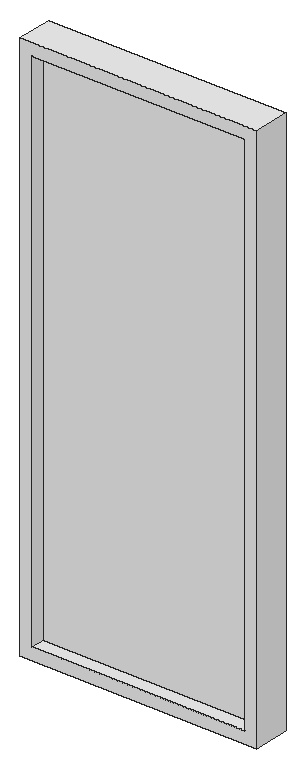
Revit family
Parameters (values of type "2100x900 mm")
  프레임 = ""
  철물 = ""
  Width = 900 mm
  Height = 2100 mm
  Assembly Code = ""
  유리/마감 = ""
  위치/개소 = ""
  부호 = "2/WD"
  문 틀 = 문 틀(2)
  문번호 = "2"
  문기호 = "WD"
  문 = 문(3)
  Wall Closure = (empty or 0)
Reference planes
  plane 1: y = 0
  plane 2 "중심(왼쪽/오른쪽)": x = 0
  plane 3 "왼쪽": x = -450
  plane 4 "오른쪽": x = 450
  plane 5: z = 2100
  plane 6 "외부": y = 100
  plane 7 "내부": y = -100
  plane 8: x = -405
  plane 9: x = 405
  plane 10: x = -650
  plane 11: x = 650
  plane 12: z = 2400
  plane 13: z = -300
  plane 14: z = 1000
  plane 15: x = -245
  plane 16: y = -15
  plane 17: y = 55
  plane 18: y = 120
Forms (mm)
  Sweep 1, solid, material "문 틀(2)" <- "문 틀"
    path origin (0, 100, 0) x (1, 0, 0) y (0, 0, 1)
      loop
        line (450, 0) -> (450, 2100) -> (-450, 2100) -> (-450, 0) -> (450, 0)
    profile origin (450, 100, 1050) x (-1, 0, 0) y (0, -1, 0)
      loop
        line (0, -20) -> (45, -20) -> (45, 115) -> (0, 115) -> (0, -20)
  Extrusion 2, solid, material "문(3)" <- "문"
    sketch origin (0, 2.5, 0) x (1, 0, 0) y (0, 1, 0)
      loop
        line (405, 70) -> (-405, 70) -> (-405, 35) -> (405, 35) -> (405, 70)
    from 0 to 2070
Lines and regions (mm)
  Opening 1
    outline origin (-3050, -100, 0) x (1, 0, 0) y (0, 0, 1)
      loop
        line (2600, 0) -> (3500, 0) -> (3500, 2100) -> (2600, 2100) -> (2600, 0)
  symbolic lines
    curve 1: line (-405, 100, 30) -> (405, 100, 1050)
    curve 2: line (405, 100, 1050) -> (-405, 100, 2070)
    curve 3: line (450, 100, -300) -> (450, 100, 2400)
    curve 4: line (-450, 100, 2400) -> (-450, 100, -300)
    curve 5: line (-650, 100, 0) -> (650, 100, 0)
    curve 6: line (650, 100, 2100) -> (-650, 100, 2100)
    curve 7: line (-455, 100, 2105) -> (-455, 100, 0)
    curve 8: line (-445, 100, 2095) -> (-445, 100, 5)
    curve 9: line (445, 100, 2095) -> (-445, 100, 2095)
    curve 10: line (455, 100, 2105) -> (-455, 100, 2105)
    curve 11: line (-445, 100, 5) -> (445, 100, 5)
    curve 12: line (445, 100, 5) -> (445, 100, 2095)
    curve 13: line (455, 100, 0) -> (455, 100, 2105)
    curve 14: circle (-245, 100, 1000) r 25 normal (0, 1, 0)
    curve 15: line (-245, 100, 1070) -> (-245, 100, 930)
    curve 16: line (-400, 100, 1000) -> (-175, 100, 1000)
    curve 17: line (-405, 55, 0) -> (-405, -790.712, 0)
    curve 18: line (-405, -790.712, 0) -> (-370, -790.712, 0)
    curve 19: line (-370, -790.712, 0) -> (-370, 55, 0)
    curve 20: arc (-370, -790.712, 0) -> (181.673, -518.301, 0) -> (405.007, 55, 0) r 849.998
    curve 21: line (-405, 55, 0) -> (-405, 900.712, 0)
    curve 22: line (-405, 900.712, 0) -> (-370, 900.712, 0)
    curve 23: line (-370, 900.712, 0) -> (-370, 55, 0)
    curve 24: arc (-370, 900.712, 0) -> (181.673, 628.301, 0) -> (405.007, 55, 0) r 849.998
    curve 25: line (-450, 55, 0) -> (-450, -15, 0)
    curve 26: line (450, 55, 0) -> (450, -15, 0)
    curve 27: line (-450, 55, 0) -> (-450, 100, 0)
    curve 28: line (-450, -15, 0) -> (-450, -100, 0)
    curve 29: line (-450, 100, 0) -> (-405, 100, 0)
    curve 30: line (-450, -100, 0) -> (-405, -100, 0)
    curve 31: line (450, -15, 0) -> (450, -100, 0)
    curve 32: line (450, 55, 0) -> (450, 100, 0)
    curve 33: line (450, 100, 0) -> (403.763, 100, 0)
    curve 34: line (450, -100, 0) -> (390.574, -100, 0)
Text (mm)
  text "외부" at (-2295.016, 1099.543, 0), in view "참조 레벨"
  text "외부" at (0, 1615.38, 3698.081), in view "왼쪽"
  text "외부" at (0, 1036.032, 3874.932), in view "오른쪽"
Dimensions and locks
  equal spacing: plane 3 "왼쪽", plane 2 "중심(왼쪽/오른쪽)", plane 4 "오른쪽"
  "Width": plane 3 "왼쪽" to plane 4 "오른쪽"
  "Height": plane 5 to host wall
  host wall to plane 5 = 2100 mm  (x2)
  locked: plane 6 "외부" to host wall at 0
  locked: plane 7 "내부" to host wall
  curve 12 to curve 3 to curve 13 = 5 mm locked, 5 mm locked
  locked: curve 5 to curve 11 at 5
  curve 9 to curve 6 to curve 10 = 5 mm locked, 5 mm locked
  curve 8 to curve 4 to curve 7 = 5 mm locked, 5 mm locked
  plane 3 "왼쪽" to plane 8 = 45 mm
  plane 9 to plane 4 "오른쪽" = 45 mm
  locked: plane 16 to plane 17 at 70
  Extrusion 2 to plane 17 to Extrusion 2 = 17.5 mm locked, 17.5 mm locked
  locked: plane 17 to plane 18 at 65
  aligned and locked: plane 3 "왼쪽" to Opening 1 sketch curve
  aligned and locked: plane 5 to Opening 1 sketch curve  (x2)
  aligned and locked: Opening 1 sketch curve to plane 4 "오른쪽"
  aligned and locked: Opening 1 sketch curve to level
  aligned and locked: plane 1 to host wall
  aligned and locked: curve 4 to plane 3 "왼쪽"
  aligned and locked: plane 5 to curve 6
  aligned and locked: plane 4 "오른쪽" to curve 3
  aligned and locked: level to curve 5
  aligned and locked: plane 15 to curve 15
  aligned and locked: plane 14 to curve 16
  aligned and locked: plane 9 to Sweep 1 sketch curve
  aligned and locked: Extrusion 2 to plane 9
  aligned and locked: plane 8 to Extrusion 2
  aligned and locked: plane 16 to Sweep 1 sketch curve
  aligned and locked: Sweep 1 sketch curve to plane 18
  aligned and locked: plane 3 "왼쪽" to curve 25
  aligned and locked: plane 17 to curve 26
  aligned and locked: plane 16 to curve 26
  aligned and locked: plane 3 "왼쪽" to curve 28
  aligned and locked: plane 6 "외부" to curve 29
  aligned and locked: plane 7 "내부" to curve 30
  aligned and locked: curve 33 to plane 6 "외부"
  aligned and locked: curve 34 to plane 7 "내부"
  aligned and locked: plane 4 "오른쪽" to curve 31
  aligned and locked: curve 32 to plane 4 "오른쪽"
Automatic sketch dimensions
  Sweep 1 sketch curve to level = 0 mm
  Sweep 1 sketch curve to plane 3 "왼쪽" = 0 mm
  Sweep 1 sketch curve to plane 4 "오른쪽" = 0 mm
  Sweep 1 sketch curve to plane 5 = 0 mm
  curve 2 to plane 8 = 0 mm
  curve 1 to plane 8 = 0 mm
  curve 2 to plane 9 = 0 mm
  level to curve 1 = 30 mm
  plane 14 to curve 2 = 50 mm
  plane 5 to curve 2 = 30 mm
  curve 5 to plane 11 = 0 mm
  curve 6 to plane 11 = 0 mm
  curve 14 to plane 14 = 0 mm
  curve 14 to plane 15 = 0 mm
  curve 5 to plane 10 = 0 mm
  curve 6 to plane 10 = 0 mm
  curve 4 to plane 13 = 0 mm
  curve 3 to plane 13 = 0 mm
  curve 3 to plane 12 = 0 mm
  curve 4 to plane 12 = 0 mm
  plane 15 to curve 16 = 70 mm
  curve 16 to plane 8 = 5 mm
  curve 15 to curve 14 = 70 mm
  plane 14 to curve 15 = 70 mm
  Extrusion 2 sketch curve to plane 8 = 0 mm
  Extrusion 2 sketch curve to plane 9 = 0 mm
  plane 17 to Extrusion 2 sketch curve = 17.5 mm
  Extrusion 2 sketch curve to plane 17 = 17.5 mm
  Sweep 1 sketch curve to profile plane = 0 mm
  curve 22 to plane 8 = 0 mm
  curve 19 to plane 17 = 0 mm
  curve 20 to plane 17 = 0 mm
  curve 28 to plane 16 = 0 mm
  curve 25 to plane 17 = 0 mm
  curve 21 to plane 17 = 0 mm
  plane 17 to curve 24 = 0.971 mm
  curve 24 to plane 3 "왼쪽" = 5.009 mm
  curve 20 to curve 24 = 0 mm
  curve 17 to curve 19 = 35 mm
  plane 9 to curve 34 = 14.426 mm
  plane 9 to curve 33 = 1.237 mm
  radius of curve 14 = 25 mm
